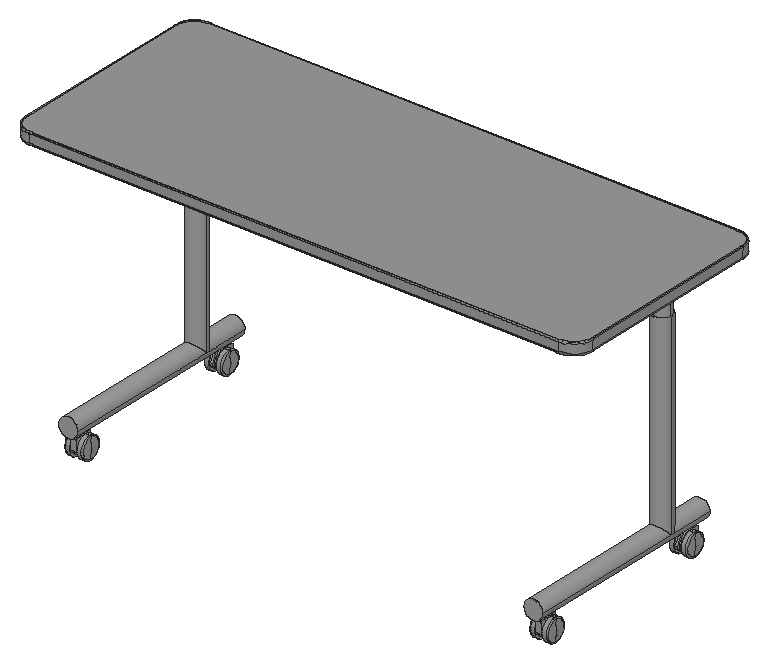
Revit family "Trios C Leg 6024 - Adjustable", category Generic Models, Revit 2018
Family settings
  Can host rebar = No
  Round Connector Dimension = Use Diameter
  Part Type = Normal
  Work Plane-Based = No
  Always vertical = Yes
  Cut with Voids When Loaded = No
  Shared = No
  Room Calculation Point = No
Parameters
  Table Height = 2' - 5 1/2"
  Surface = Trio C-Adj Leg 6024 Surface
  Leg Finish = Trio Leg Platinum
  Grommets = Trios 6024 Tabletop : Trios 6024 Tabletop
  Edgeband = Trio C-Adj Leg 6024 Edgeband
  Caster/Glider = Trios C Leg Adjustable - Casters : Trios C Leg Adjustable - Casters
Reference planes (in)
  plane 1 "Center (Front/Back)": y = 0
  plane 2: z = 0
  plane 3 "Center (Left/Right)": x = 0
  plane 4: z = 29.5
Dimensions and locks (in)
  "Table Height": plane 4 to level
  aligned and locked: plane 2 to level
  aligned and locked: nested 3 to plane 4
Nested families (in)
  nested 1: "Trios C Leg Adjustable - Casters" at (-24.58071, 0, 0), type <- "Caster/Glider", type "Trios C Leg Adjustable - Casters"
    with Leg Height 2' - 5 1/2"
  nested 2: "Trios C Leg Adjustable - Casters" at (24.58071, 0, 0) x (-1, 0, 0) z (0, 0, 1), type <- "Caster/Glider", type "Trios C Leg Adjustable - Casters"
    with Leg Height 2' - 5 1/2"
  nested 3: "Trios 6024 Tabletop" at (0, 0, 1.73202), type <- "Grommets", type "Trios 6024 Tabletop"
Definition of nested family "Trios C Leg Adjustable - Casters"
  Parameters (values of type "Trios C Leg Adjustable - Casters")
    Leg Height = 2' - 0.86283"
    Leg Finish = none
  Reference planes (in)
    plane 1 "Center (Front/Back)": y = 0
    plane 2: z = 0
    plane 3 "Center (Left/Right)": x = 0
  Forms (in)
    Revolve 1, solid
      sketch origin (24.58071, -9.2026, 0) x (1, 0, 0) y (0, 0, 1)
        loop
          line (-24.97071, 0.96467) -> (-24.19071, 0.96467) -> (-24.19071, 0) -> (-23.75169, 0)
          arc (-23.75169, 0) -> (-23.6768, 0.03102) -> (-23.64578, 0.10591) r 0.10591
          arc (-23.64578, 0.10591) -> (-23.60985, 0.63116) -> (-23.59787, 1.1575) r 11.56601
          line (-23.59787, 1.1575) -> (-25.56355, 1.1575)
          arc (-25.56355, 1.1575) -> (-25.55156, 0.63116) -> (-25.51564, 0.10591) r 11.56601
          arc (-25.51564, 0.10591) -> (-25.48462, 0.03102) -> (-25.40973, 0) r 0.10591
          line (-25.40973, 0) -> (-24.97071, 0) -> (-24.97071, 0.96467)
        axis (-23.59787, 1.1575) -> (-25.56355, 1.1575)
      angle from 0 to 360
    Extrusion 2, solid
      sketch origin (24.58071, -2.50544, 0) x (0, 1, 0) y (0, 0, 1)
        loop
          line (-7.72966, 0.8701) -> (-5.67751, 0.8701)
          arc (-5.67751, 0.8701) -> (-5.59637, 0.90001) -> (-5.55407, 0.97544) r 0.125
          arc (-5.55407, 0.97544) -> (-5.81666, 1.90885) -> (-6.69716, 2.315) r 1.1575
          line (-6.69716, 2.315) -> (-7.72966, 2.315)
          arc (-7.72966, 2.315) -> (-7.81805, 2.27839) -> (-7.85466, 2.19) r 0.125
          line (-7.85466, 2.19) -> (-7.85466, 0.9951)
          arc (-7.85466, 0.9951) -> (-7.81805, 0.90671) -> (-7.72966, 0.8701) r 0.125
      from -24.89567 to -24.26575
    Revolve 3, solid
      sketch origin (24.58071, -9.99, 0) x (1, 0, 0) y (0, 0, 1)
        loop
          line (-24.58071, 2.74648) -> (-24.58071, 2.315) -> (-24.39321, 2.315) -> (-24.39321, 2.402) -> (-24.26248, 2.402) -> (-24.26248, 2.55948) -> (-24.39321, 2.55948) -> (-24.39321, 2.74648) -> (-24.58071, 2.74648)
        axis (-24.58071, 2.315) -> (-24.58071, 2.74648)
      angle from 0 to 360
    Extrusion 4, solid
      sketch origin (24.58071, -2.50544, 0) x (0, 1, 0) y (0, 0, 1)
        loop
          arc (-5.36095, 1.27372) -> (-5.63909, 1.69661) -> (-5.81774, 2.1702) r 2.29458
          arc (-5.81774, 2.1702) -> (-5.87342, 2.23656) -> (-5.96002, 2.23454) r 0.1
          line (-5.96002, 2.23454) -> (-6.11283, 2.15668)
          arc (-6.11283, 2.15668) -> (-5.66582, 1.68299) -> (-5.54534, 1.04293) r 1.1575
          line (-5.54534, 1.04293) -> (-5.39253, 1.12079)
          arc (-5.39253, 1.12079) -> (-5.34, 1.18966) -> (-5.36095, 1.27372) r 0.1
      from -24.70571 to -24.45571
    Revolve 5, solid
      sketch origin (24.58071, 9.2026, 0) x (1, 0, 0) y (0, 0, -1)
        loop
          line (-24.97071, -0.96467) -> (-24.97071, 0) -> (-25.40973, 0)
          arc (-25.40973, 0) -> (-25.48462, -0.03102) -> (-25.51564, -0.10591) r 0.10591
          arc (-25.51564, -0.10591) -> (-25.55156, -0.63116) -> (-25.56355, -1.1575) r 11.56601
          line (-25.56355, -1.1575) -> (-23.59787, -1.1575)
          arc (-23.59787, -1.1575) -> (-23.60985, -0.63116) -> (-23.64578, -0.10591) r 11.56601
          arc (-23.64578, -0.10591) -> (-23.6768, -0.03102) -> (-23.75169, 0) r 0.10591
          line (-23.75169, 0) -> (-24.19071, 0) -> (-24.19071, -0.96467) -> (-24.97071, -0.96467)
        axis (-23.59787, -1.1575) -> (-25.56355, -1.1575)
      angle from 0 to 360
    Extrusion 6, solid
      sketch origin (24.58071, 2.50544, 0) x (0, -1, 0) y (0, 0, -1)
        loop
          arc (-7.72966, -0.8701) -> (-7.81805, -0.90671) -> (-7.85466, -0.9951) r 0.125
          line (-7.85466, -0.9951) -> (-7.85466, -2.19)
          arc (-7.85466, -2.19) -> (-7.81805, -2.27839) -> (-7.72966, -2.315) r 0.125
          line (-7.72966, -2.315) -> (-6.69716, -2.315)
          arc (-6.69716, -2.315) -> (-5.81666, -1.90885) -> (-5.55407, -0.97544) r 1.1575
          arc (-5.55407, -0.97544) -> (-5.59637, -0.90001) -> (-5.67751, -0.8701) r 0.125
          line (-5.67751, -0.8701) -> (-7.72966, -0.8701)
      from -24.89567 to -24.26575
    Revolve 7, solid
      sketch origin (24.58071, 9.99, 0) x (1, 0, 0) y (0, 0, -1)
        loop
          line (-24.58071, -2.74648) -> (-24.39321, -2.74648) -> (-24.39321, -2.55948) -> (-24.26248, -2.55948) -> (-24.26248, -2.402) -> (-24.39321, -2.402) -> (-24.39321, -2.315) -> (-24.58071, -2.315) -> (-24.58071, -2.74648)
        axis (-24.58071, -2.315) -> (-24.58071, -2.74648)
      angle from 0 to 360
    Extrusion 8, solid
      sketch origin (24.58071, 2.50544, 0) x (0, -1, 0) y (0, 0, -1)
        loop
          arc (-5.36095, -1.27372) -> (-5.34, -1.18966) -> (-5.39253, -1.12079) r 0.1
          line (-5.39253, -1.12079) -> (-5.54534, -1.04293)
          arc (-5.54534, -1.04293) -> (-5.66582, -1.68299) -> (-6.11283, -2.15668) r 1.1575
          line (-6.11283, -2.15668) -> (-5.96002, -2.23454)
          arc (-5.96002, -2.23454) -> (-5.87342, -2.23656) -> (-5.81774, -2.1702) r 0.1
          arc (-5.81774, -2.1702) -> (-5.63909, -1.69661) -> (-5.36095, -1.27372) r 2.29458
      from -24.70571 to -24.45571
    Extrusion 9, solid, material <- "Leg Finish"
      sketch origin (0, 6, 0) x (1, 0, 0) y (0, 1, 0)
        loop
          circle (0, 0) r 1
      from 3.56048 to 24.30283
    Extrusion 10, solid, material <- "Leg Finish"
      sketch origin (0, 0, 0) x (1, 0, 0) y (0, 0, 1)
        loop
          circle (0, 3.56048) r 1
      from -11 to 11
  Dimensions and locks (in)
    "Leg Height": nested 1 to level
    aligned and locked: plane 2 to level
  Automatic sketch dimensions
    Revolve 1 sketch curve to level = 0' - 0"  (x2)
    level to Revolve 1 sketch curve = 0' - 1.1575"
    Revolve 1 sketch curve to plane 3 "Center (Left/Right)" = 0' - 10.58317"
    Revolve 1 sketch curve to plane 3 "Center (Left/Right)" = 0' - 0.98284"
    level to Revolve 1 sketch curve = 0' - 0.10591"  (x2)
    Revolve 1 sketch curve to plane 3 "Center (Left/Right)" = 0' - 0.82902"
    Revolve 1 sketch curve to plane 3 "Center (Left/Right)" = 0' - 0.39"
    plane 3 "Center (Left/Right)" to Revolve 1 sketch curve = 0' - 0.39"
    Revolve 1 sketch curve to Revolve 1 sketch curve = 0' - 0.43902"
    Revolve 1 sketch curve to Revolve 1 sketch curve = 0' - 0.19283"
    Revolve 1 sketch curve to Revolve 1 sketch curve = 0' - 1.15716"
    Revolve 1 sketch curve to Revolve 1 sketch curve = 0' - 0.87716"
    Revolve 1 sketch curve to Revolve 1 sketch curve = 0' - 0"
    level to Extrusion 2 sketch curve = 0' - 0.9951"
    plane 1 "Center (Front/Back)" to Extrusion 2 sketch curve = 0' - 10.3601"
    Extrusion 2 sketch curve to Extrusion 2 sketch curve = 0' - 0 1/8"  (x3)
    Extrusion 2 sketch curve to Extrusion 2 sketch curve = 0' - 1.0325"
    Extrusion 2 sketch curve to Extrusion 2 sketch curve = 0' - 1.01965"
    Extrusion 2 sketch curve to Extrusion 2 sketch curve = 0' - 0.1624"
    Extrusion 2 sketch curve to Extrusion 2 sketch curve = 0' - 1.1949"
    Revolve 3 sketch curve to plane 3 "Center (Left/Right)" = 0' - 0"  (x2)
    plane 3 "Center (Left/Right)" to Revolve 3 sketch curve = 0' - 0 3/16"
    Revolve 3 sketch curve to Revolve 3 sketch curve = 0' - 0 3/16"
    Revolve 3 sketch curve to Revolve 3 sketch curve = 0' - 0.13072"
    level to Revolve 3 sketch curve = 0' - 2.315"
    Revolve 3 sketch curve to Revolve 3 sketch curve = 0' - 0.087"
    Revolve 3 sketch curve to Revolve 3 sketch curve = 0' - 0.15748"
    Revolve 3 sketch curve to Revolve 3 sketch curve = 0' - 0.187"
    Revolve 3 sketch curve to Revolve 3 sketch curve = 0' - 0"
    Revolve 3 sketch curve to Revolve 3 sketch curve = 0' - 0.49875"
    level to Extrusion 4 sketch curve = 0' - 1.1575"
    plane 1 "Center (Front/Back)" to Extrusion 4 sketch curve = 0' - 9.2026"
    level to Extrusion 4 sketch curve = 0' - 2.15668"
    Extrusion 4 sketch curve to Extrusion 4 sketch curve = 0' - 0.58433"
    level to Extrusion 4 sketch curve = 0' - 2.23454"
    Extrusion 4 sketch curve to Extrusion 4 sketch curve = 0' - 0.15281"
    Extrusion 4 sketch curve to Extrusion 4 sketch curve = 0' - 0.0454"  (x2)
    level to Extrusion 4 sketch curve = 0' - 1.04293"
    Extrusion 4 sketch curve to Extrusion 4 sketch curve = 0' - 0.10741"
    level to Extrusion 4 sketch curve = 0' - 1.12079"
    Extrusion 4 sketch curve to Extrusion 4 sketch curve = 0' - 1.84333"
    Extrusion 4 sketch curve to Extrusion 4 sketch curve = 0' - 0.0891"  (x2)
    Extrusion 4 sketch curve to Extrusion 4 sketch curve = 0' - 1.52844"
    Extrusion 4 sketch curve to Extrusion 4 sketch curve = 0' - 0"
    Revolve 5 sketch curve to level = 0' - 0"  (x2)
    level to Revolve 5 sketch curve = 0' - 1.1575"
    Revolve 5 sketch curve to plane 3 "Center (Left/Right)" = 0' - 10.58317"
    Revolve 5 sketch curve to plane 3 "Center (Left/Right)" = 0' - 0.98284"
    level to Revolve 5 sketch curve = 0' - 0.10591"  (x2)
    Revolve 5 sketch curve to plane 3 "Center (Left/Right)" = 0' - 0.82902"
    Revolve 5 sketch curve to plane 3 "Center (Left/Right)" = 0' - 0.39"
    plane 3 "Center (Left/Right)" to Revolve 5 sketch curve = 0' - 0.39"
    Revolve 5 sketch curve to Revolve 5 sketch curve = 0' - 0.43902"
    Revolve 5 sketch curve to Revolve 5 sketch curve = 0' - 0.19283"
    Revolve 5 sketch curve to Revolve 5 sketch curve = 0' - 1.15716"
    Revolve 5 sketch curve to Revolve 5 sketch curve = 0' - 0.87716"
    Revolve 5 sketch curve to Revolve 5 sketch curve = 0' - 0"
    Extrusion 6 sketch curve to level = 0' - 0.9951"
    plane 1 "Center (Front/Back)" to Extrusion 6 sketch curve = 0' - 10.3601"
    Extrusion 6 sketch curve to Extrusion 6 sketch curve = 0' - 0 1/8"  (x3)
    Extrusion 6 sketch curve to Extrusion 6 sketch curve = 0' - 1.0325"
    Extrusion 6 sketch curve to Extrusion 6 sketch curve = 0' - 1.01965"
    Extrusion 6 sketch curve to Extrusion 6 sketch curve = 0' - 0.1624"
    Extrusion 6 sketch curve to Extrusion 6 sketch curve = 0' - 1.1949"
    Revolve 7 sketch curve to plane 3 "Center (Left/Right)" = 0' - 0"  (x2)
    plane 3 "Center (Left/Right)" to Revolve 7 sketch curve = 0' - 0 3/16"
    Revolve 7 sketch curve to Revolve 7 sketch curve = 0' - 0 3/16"
    Revolve 7 sketch curve to Revolve 7 sketch curve = 0' - 0.13072"
    level to Revolve 7 sketch curve = 0' - 2.74648"
    Revolve 7 sketch curve to Revolve 7 sketch curve = 0' - 0.187"
    Revolve 7 sketch curve to Revolve 7 sketch curve = 0' - 0.15748"
    Revolve 7 sketch curve to Revolve 7 sketch curve = 0' - 0.087"
    Revolve 7 sketch curve to Revolve 7 sketch curve = 0' - 0.49875"
    Revolve 7 sketch curve to Revolve 7 sketch curve = 0' - 0"
    Extrusion 8 sketch curve to level = 0' - 1.1575"
    plane 1 "Center (Front/Back)" to Extrusion 8 sketch curve = 0' - 9.2026"
    Extrusion 8 sketch curve to level = 0' - 2.15668"
    Extrusion 8 sketch curve to Extrusion 8 sketch curve = 0' - 0.58433"
    Extrusion 8 sketch curve to level = 0' - 2.23454"
    Extrusion 8 sketch curve to Extrusion 8 sketch curve = 0' - 0.15281"
    Extrusion 8 sketch curve to Extrusion 8 sketch curve = 0' - 0.0454"  (x2)
    Extrusion 8 sketch curve to level = 0' - 1.04293"
    Extrusion 8 sketch curve to Extrusion 8 sketch curve = 0' - 0.10741"
    Extrusion 8 sketch curve to level = 0' - 1.12079"
    Extrusion 8 sketch curve to Extrusion 8 sketch curve = 0' - 1.84333"
    Extrusion 8 sketch curve to Extrusion 8 sketch curve = 0' - 0.0891"  (x2)
    Extrusion 8 sketch curve to Extrusion 8 sketch curve = 0' - 1.52844"
    Extrusion 8 sketch curve to Extrusion 8 sketch curve = 0' - 0"
    Extrusion 9 sketch curve to Extrusion 9 sketch curve = 0' - 0"  (x2)
    Extrusion 9 sketch curve to plane 3 "Center (Left/Right)" = 0' - 0"
    Extrusion 9 sketch curve to plane 1 "Center (Front/Back)" = 0' - 6"
    Extrusion 9 sketch curve to Extrusion 9 sketch curve = 0' - 1"
    Extrusion 10 sketch curve to Extrusion 10 sketch curve = 0' - 0"  (x2)
    Extrusion 10 sketch curve to plane 3 "Center (Left/Right)" = 0' - 0"
    level to Extrusion 10 sketch curve = 0' - 3.56048"
    Extrusion 10 sketch curve to Extrusion 10 sketch curve = 0' - 1"
  Nested families (in)
    nested 1: "Trios Adjustable Top" at (0, 6, 0), type "Trios Adjustable Top"
  Definition of nested family "Trios Adjustable Top"
    Parameters (values of type "Trios Adjustable Top")
      Leg Finish = none
    Reference planes (in)
      plane 1 "Center (Front/Back)": y = 0
      plane 2: z = 0
      plane 3 "Center (Left/Right)": x = 0
    Forms (in)
      Extrusion 1, solid, material <- "Leg Finish"
        sketch origin (0, 0, 0) x (1, 0, 0) y (0, 1, 0)
          loop
            circle (0, 0) r 0.87661
        from 7.06283 to 24.68283
      Extrusion 2, solid, material <- "Leg Finish"
        sketch origin (0, 0, 0) x (1, 0, 0) y (0, 1, 0)
          loop
            line (-2.9995, 3.9995) -> (-2.9995, -3.9995) -> (3, -3.9995) -> (3, 3.9995) -> (-2.9995, 3.9995)
        from 24.68283 to 24.86283
    Dimensions and locks (in)
      aligned and locked: plane 2 to level
Definition of nested family "Trios 6024 Tabletop"
  Parameters (values of type "Trios 6024 Tabletop")
    Surface = none
    Edgeband = none
  Reference planes (in)
    plane 1 "Center (Front/Back)": y = 0
    plane 2: z = 0
    plane 3 "Center (Left/Right)": x = 0
  Forms (in)
    Extrusion 1, solid, material <- "Surface"
      sketch origin (0, 0, 0) x (1, 0, 0) y (0, 1, 0)
        loop
          line (28, 11.79342) -> (-28, 11.79342)
          arc (-28, 11.79342) -> (-29.3307, 11.24223) -> (-29.88189, 9.91153) r 1.88189
          line (-29.88189, 9.91153) -> (-29.88189, -9.91153)
          arc (-29.88189, -9.91153) -> (-29.3307, -11.24223) -> (-28, -11.79342) r 1.88189
          line (-28, -11.79342) -> (28, -11.79342)
          arc (28, -11.79342) -> (29.3307, -11.24223) -> (29.88189, -9.91153) r 1.88189
          line (29.88189, -9.91153) -> (29.88189, 9.91153)
          arc (29.88189, 9.91153) -> (29.3307, 11.24223) -> (28, 11.79342) r 1.88189
      from 27.76798 to 28.96798
    Sweep 2, solid, material <- "Edgeband"
      path origin (0, 0, 0) x (1, 0, 0) y (0, 1, 0)
        loop
          line (28, 11.79342) -> (-28, 11.79342)
          arc (-28, 11.79342) -> (-29.3307, 11.24223) -> (-29.88189, 9.91153) r 1.88189
          line (-29.88189, 9.91153) -> (-29.88189, -9.91153)
          arc (-29.88189, -9.91153) -> (-29.3307, -11.24223) -> (-28, -11.79342) r 1.88189
          line (-28, -11.79342) -> (28, -11.79342)
          arc (28, -11.79342) -> (29.3307, -11.24223) -> (29.88189, -9.91153) r 1.88189
          line (29.88189, -9.91153) -> (29.88189, 9.91153)
          arc (29.88189, 9.91153) -> (29.3307, 11.24223) -> (28, 11.79342) r 1.88189
      profile origin (0, 11.79342, 0) x (0, -1, 0) y (0, 0, 1)
        loop
          arc (0, 28.96798) -> (-0.08352, 28.93339) -> (-0.11811, 28.84987) r 0.11811
          line (-0.11811, 28.84987) -> (-0.11811, 27.88609)
          arc (-0.11811, 27.88609) -> (-0.08352, 27.80257) -> (0, 27.76798) r 0.11811
          line (0, 27.76798) -> (0, 28.96798)
  Dimensions and locks (in)
    aligned and locked: plane 2 to level
